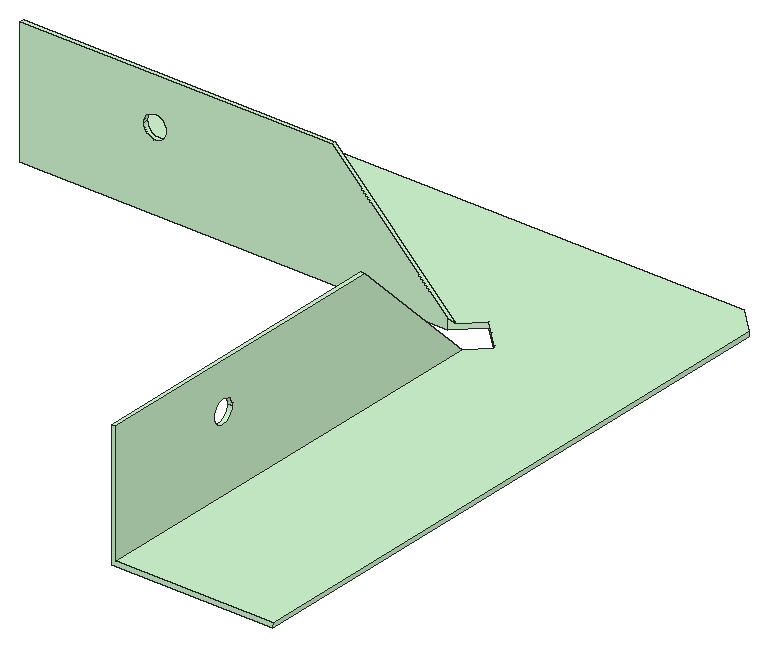
Revit family "30lbarj_el3025_out", category 機械設備, Revit 2022
Family settings
  丸型コネクタ寸法 = 直径を使用
  種別 = なし
  パーツ タイプ = 標準
  作業面ベース = いいえ
  常に垂直 = はい
  ロード時にボイドで切り取り = いいえ
  注釈の向きを維持 = いいえ
  共有 = いいえ
  部屋計算ポイント = いいえ
Parameters
  製造元 = "株式会社桐井製作所"
  既定の高さ = 0 mm
  URL = "https://www.kirii.co.jp/"
  K_材質 = "溶融亜鉛めっき鋼板及び鋼帯 SGCC 一般用"
  K_品名 = "30Lバー出隅J-eL3025(ビス)"
  K_名称 = "Lバージョイント"
  K_入数 = "200"
  K_備考 = "対象Lバー:eL3025(30面)"
  K_バージョン情報 = "20220915"
  K_めっき付着量 = "Z12"
  K_JIS規格 = "JIS G 3302"
Reference planes
  plane 1 "中心(正面/背面)": y = 0
  plane 2: z = 0
  plane 3 "中心(左/右)": x = 0
Forms (mm)
  Extrusion 1, solid
    sketch origin (-73.296, 0, 0) x (0, 1, 0) y (0, 0, 1)
      loop
        line (-0.8, 0) -> (0, 0) -> (0, 21.5) -> (-0.8, 21.5) -> (-0.8, 0)
    from -5.621 to 73.379
  Extrusion 2, solid
    sketch origin (-73.296, 0, 0) x (0, 1, 0) y (0, 0, 1)
      loop
        line (27, 0.8) -> (0, 0.8) -> (0, 0) -> (27, 0) -> (27, 0.8)
    from -5.621 to 100.379
  Extrusion 3, solid
    sketch origin (32.582, 0, 0) x (1, 0, 0) y (0, 0, 1)
      loop
        line (-33.3, 0) -> (-5.582, 0) -> (-5.582, 0.8) -> (-32.5, 0.8) -> (-32.5, 21.5) -> (-33.3, 21.5) -> (-33.3, 0)
    from 0 to 79
  Extrusion 4, void
    sketch origin (32.582, 0, 0) x (0, 1, 0) y (0, 0, 1)
      loop
        line (-25.65, 21.5) -> (-4.15, 0) -> (0, 0) -> (0, 21.5) -> (-25.65, 21.5)
    from -33.3 to -32.5
  Extrusion 5, void
    sketch origin (32.582, 0, 0) x (1, 0, 0) y (0, 0, 1)
      loop
        line (-32.5, 21.5) -> (-58.15, 21.5) -> (-36.65, 0) -> (-32.5, 0) -> (-32.5, 21.5)
    from 0 to 0.8
  Extrusion 6, void
    sketch origin (32.582, 0, 0) x (1, 0, 0) y (0, 1, 0)
      loop
        line (-29.345, -1.795) -> (-34.295, 3.155) -> (-38.25, -0.8) -> (-33.3, -5.75) -> (-29.345, -1.795)
    from -0.971 to 1.712
  Extrusion 7, void
    sketch origin (32.582, -3.536, 4.161) x (0, 1, 0) y (0, 0, 1)
      loop
        circle (-52.5, 9.5) r 2
    from -33.3 to -32.5
  Extrusion 8, void
    sketch origin (29.207, 0, 4) x (1, 0, 0) y (0, 0, 1)
      loop
        circle (-85, 9.5) r 2
    from 0 to 0.8
  Extrusion 9, void
    sketch origin (26.954, -5.628, 0) x (1, 0, 0) y (0, 1, 0)
      loop
        line (0.128, 32.628) -> (-4.114, 32.628) -> (0.128, 28.386) -> (0.128, 32.628)
    from 0 to 0.8
Cuts and joins
  Extrusion 4, Extrusion 5, Extrusion 6, Extrusion 7, Extrusion 8 cuts Extrusion 1
  Extrusion 4, Extrusion 6, Extrusion 7, Extrusion 8, Extrusion 9 cuts Extrusion 2
  Extrusion 4, Extrusion 6, Extrusion 7, Extrusion 8 cuts Extrusion 3
  joined: Extrusion 1, Extrusion 2, Extrusion 3
Dimensions and locks
  aligned and locked: level to plane 2
